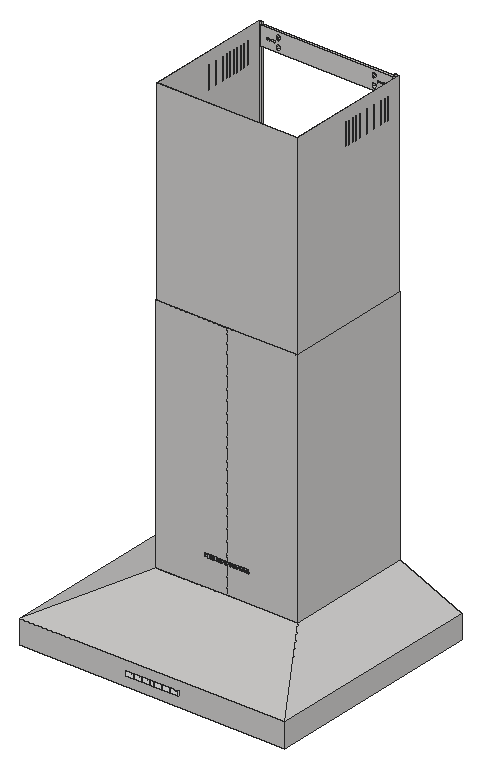
Revit family "FP_Revit_18_HC24PHTX1_N_Rangehood_90001237A", category Specialty Equipment, Revit 2018
Family settings
  Round Connector Dimension = Use Diameter
  Part Type = Normal
  OmniClass Number = 23.40.40.00
  OmniClass Title = Food Service Equipment and Furnishings
  Work Plane-Based = No
  Always vertical = Yes
  Cut with Voids When Loaded = Yes
  Shared = No
  Room Calculation Point = No
Parameters
  Visibility - Upper Chimney Extension [instance] = yes
  URL = "www.fisherpaykel.com"
  Product - Width = 598 mm  # constant formula
  Product - Height (655mm - 1094mm) Ducted [instance] = 1094 mm
  Product - Depth = 500 mm  # constant formula
  Model = "HC24PHTX1_N"
  Material - Trim = Fisher & Paykel - Steel, Chrome Plated
  Material - Body = Fisher & Paykel - Stainless Steel
  Manufacturer = "Fisher & Paykel Appliances"
  FFL Offset [instance] = 1565 mm
  Description = "24\" Rangehood"
  Connector Description - Extraction = "6” (152 mm) diameter, rigid or semi-rigid ducting, 600 CFM"
  Connector Description - Electrical = "120 V, 60Hz, 15 A, Fused electrical supply"
  Chassis - Width = 320 mm  # constant formula
  Chassis - Height = 114 mm  # constant formula
  Chassis - Depth = 290 mm  # constant formula
Reference planes
  plane 1 "Datum": y = 0
  plane 2: z = 0
  plane 3 "Center (Left/Right)": x = 0
  plane 4 "Product - Height": z = 2659
  plane 5 "Product LHS": x = -299
  plane 6 "Product RHS": x = 299
  plane 7 "Product - Depth": y = -500
  plane 8 "Cavity LHS": x = -160
  plane 9 "Cavity RHS": x = 160
  plane 10 "Chassis - Depth": y = -290
  plane 11 "FFL Offset": z = 1565
Forms (mm)
  Extrusion 1, solid, material "Fisher & Paykel - Stainless Steel" <- "Material - Body"
    sketch origin (0, 0, 0) x (1, 0, 0) y (0, 1, 0)
      loop
        line (-145, 0) -> (-160, 0) -> (-160, -290) -> (0, -290) -> (160, -290) -> (160, 0) -> (145, 0) -> (145, -1) -> (159, -1) -> (159, -289) -> (-159, -289) -> (-159, -1) -> (-145, -1) -> (-145, 0)
    from 1677.893 to 2220
  Extrusion 2, solid, material "Fisher & Paykel - Stainless Steel" <- "Material - Body", visible <- "Visibility - Upper Chimney Extension"
    sketch origin (0, 0, 0) x (1, 0, 0) y (0, 1, 0)
      loop
        line (-158, -2) -> (-150, -2) -> (-150, -1) -> (-159, -1) -> (-159, -289) -> (159, -289) -> (159, -1) -> (150, -1) -> (150, -2) -> (158, -2) -> (158, -288.044) -> (-158, -288.044) -> (-158, -2)
    from 2208 to 2659
  Extrusion 3, solid, material "Fisher & Paykel - Stainless Steel" <- "Material - Body"
    sketch origin (0, 0, 0) x (1, 0, 0) y (0, 1, 0)
      loop
        line (159, -1) -> (-159, -1) -> (-159, -279) -> (159, -279) -> (159, -1)
    from 1677.893 to 1849
  Extrusion 4, solid, material "Fisher & Paykel - Stainless Steel" <- "Material - Body"
    sketch origin (0, 0, 0) x (1, 0, 0) y (0, 1, 0)
      loop
        circle (0, -95) r 73.896
      loop
        circle (0, -95) r 75.04
    from 1849 to 1926
  Extrusion 5, solid, material "Fisher & Paykel - Stainless Steel" <- "Material - Body"
    sketch origin (0, 0, 0) x (1, 0, 0) y (0, 0, 1)
      loop
        line (-145, 1862) -> (-145, 1838.202) -> (145, 1838.202) -> (145, 1862) -> (-145, 1862)
      loop
        line (-127.5, 1853.202) -> (-127.5, 1851.532)
        arc (-127.5, 1851.532) -> (-125, 1842.202) -> (-122.5, 1851.532) r 5
        line (-122.5, 1851.532) -> (-122.5, 1853.202)
        arc (-122.5, 1853.202) -> (-125, 1855.702) -> (-127.5, 1853.202) r 2.5
      loop
        line (122.5, 1853.202) -> (122.5, 1851.532)
        arc (122.5, 1851.532) -> (125, 1842.202) -> (127.5, 1851.532) r 5
        line (127.5, 1851.532) -> (127.5, 1853.202)
        arc (127.5, 1853.202) -> (125, 1855.702) -> (122.5, 1853.202) r 2.5
    from 0 to 1
  Extrusion 6, solid, material "Fisher & Paykel - Stainless Steel" <- "Material - Body", visible <- "Visibility - Upper Chimney Extension"
    sketch origin (0, 0, 0) x (1, 0, 0) y (0, 0, 1)
      loop
        line (-150, 2612.811) -> (150, 2612.811) -> (150, 2655) -> (-150, 2655) -> (-150, 2612.811)
      loop
        line (104, 2646.5) -> (104, 2642.5)
        arc (104, 2642.5) -> (108, 2638.5) -> (112, 2642.5) r 4
        line (112, 2642.5) -> (112, 2646.5)
        arc (112, 2646.5) -> (108, 2650.5) -> (104, 2646.5) r 4
      loop
        arc (112, 2625.5) -> (108, 2629.5) -> (104, 2625.5) r 4
        line (104, 2625.5) -> (104, 2620.794)
        arc (104, 2620.794) -> (108, 2617.544) -> (112, 2620.794) r 4.087
        line (112, 2620.794) -> (112, 2625.5)
      loop
        arc (117.5, 2636.5) -> (115, 2634) -> (117.5, 2631.5) r 2.5
        line (117.5, 2631.5) -> (132.5, 2631.5)
        arc (132.5, 2631.5) -> (135, 2634) -> (132.5, 2636.5) r 2.5
        line (132.5, 2636.5) -> (117.5, 2636.5)
      loop
        arc (-104, 2646.5) -> (-108, 2650.5) -> (-112, 2646.5) r 4
        line (-112, 2646.5) -> (-112, 2642.5)
        arc (-112, 2642.5) -> (-108, 2638.5) -> (-104, 2642.5) r 4
        line (-104, 2642.5) -> (-104, 2646.5)
      loop
        line (-112, 2625.5) -> (-112, 2620.794)
        arc (-112, 2620.794) -> (-108, 2617.544) -> (-104, 2620.794) r 4.087
        line (-104, 2620.794) -> (-104, 2625.5)
        arc (-104, 2625.5) -> (-108, 2629.5) -> (-112, 2625.5) r 4
      loop
        line (-117.5, 2636.5) -> (-132.5, 2636.5)
        arc (-132.5, 2636.5) -> (-135, 2634) -> (-132.5, 2631.5) r 2.5
        line (-132.5, 2631.5) -> (-117.5, 2631.5)
        arc (-117.5, 2631.5) -> (-115, 2634) -> (-117.5, 2636.5) r 2.5
    from 1 to 7
  Extrusion 7, void
    sketch origin (0, 0, 0) x (0, 1, 0) y (0, 0, 1)
      loop
        line (-155.5, 2631.5) -> (-155.5, 2581.5)
        arc (-155.5, 2581.5) -> (-153, 2579) -> (-150.5, 2581.5) r 2.5
        line (-150.5, 2581.5) -> (-150.5, 2631.5)
        arc (-150.5, 2631.5) -> (-153, 2634) -> (-155.5, 2631.5) r 2.5
      loop
        line (-145.5, 2631.5) -> (-145.5, 2581.5)
        arc (-145.5, 2581.5) -> (-143, 2579) -> (-140.5, 2581.5) r 2.5
        line (-140.5, 2581.5) -> (-140.5, 2631.5)
        arc (-140.5, 2631.5) -> (-143, 2634) -> (-145.5, 2631.5) r 2.5
      loop
        line (-135.5, 2631.5) -> (-135.5, 2581.5)
        arc (-135.5, 2581.5) -> (-133, 2579) -> (-130.5, 2581.5) r 2.5
        line (-130.5, 2581.5) -> (-130.5, 2631.5)
        arc (-130.5, 2631.5) -> (-133, 2634) -> (-135.5, 2631.5) r 2.5
      loop
        line (-125.5, 2631.5) -> (-125.5, 2581.5)
        arc (-125.5, 2581.5) -> (-123, 2579) -> (-120.5, 2581.5) r 2.5
        line (-120.5, 2581.5) -> (-120.5, 2631.5)
        arc (-120.5, 2631.5) -> (-123, 2634) -> (-125.5, 2631.5) r 2.5
      loop
        line (-115.5, 2631.5) -> (-115.5, 2581.5)
        arc (-115.5, 2581.5) -> (-113, 2579) -> (-110.5, 2581.5) r 2.5
        line (-110.5, 2581.5) -> (-110.5, 2631.5)
        arc (-110.5, 2631.5) -> (-113, 2634) -> (-115.5, 2631.5) r 2.5
      loop
        line (-105.5, 2631.5) -> (-105.5, 2581.5)
        arc (-105.5, 2581.5) -> (-103, 2579) -> (-100.5, 2581.5) r 2.5
        line (-100.5, 2581.5) -> (-100.5, 2631.5)
        arc (-100.5, 2631.5) -> (-103, 2634) -> (-105.5, 2631.5) r 2.5
      loop
        line (-95.5, 2631.5) -> (-95.5, 2581.5)
        arc (-95.5, 2581.5) -> (-93, 2579) -> (-90.5, 2581.5) r 2.5
        line (-90.5, 2581.5) -> (-90.5, 2631.5)
        arc (-90.5, 2631.5) -> (-93, 2634) -> (-95.5, 2631.5) r 2.5
      loop
        line (-85.5, 2631.5) -> (-85.5, 2581.5)
        arc (-85.5, 2581.5) -> (-83, 2579) -> (-80.5, 2581.5) r 2.5
        line (-80.5, 2581.5) -> (-80.5, 2631.5)
        arc (-80.5, 2631.5) -> (-83, 2634) -> (-85.5, 2631.5) r 2.5
      loop
        line (-75.5, 2631.5) -> (-75.5, 2581.5)
        arc (-75.5, 2581.5) -> (-73, 2579) -> (-70.5, 2581.5) r 2.5
        line (-70.5, 2581.5) -> (-70.5, 2631.5)
        arc (-70.5, 2631.5) -> (-73, 2634) -> (-75.5, 2631.5) r 2.5
      loop
        line (-65.5, 2631.5) -> (-65.5, 2581.5)
        arc (-65.5, 2581.5) -> (-63, 2579) -> (-60.5, 2581.5) r 2.5
        line (-60.5, 2581.5) -> (-60.5, 2631.5)
        arc (-60.5, 2631.5) -> (-63, 2634) -> (-65.5, 2631.5) r 2.5
      loop
        line (-55.5, 2631.5) -> (-55.5, 2581.5)
        arc (-55.5, 2581.5) -> (-53, 2579) -> (-50.5, 2581.5) r 2.5
        line (-50.5, 2581.5) -> (-50.5, 2631.5)
        arc (-50.5, 2631.5) -> (-53, 2634) -> (-55.5, 2631.5) r 2.5
      loop
        line (-45.5, 2631.5) -> (-45.5, 2581.5)
        arc (-45.5, 2581.5) -> (-43, 2579) -> (-40.5, 2581.5) r 2.5
        line (-40.5, 2581.5) -> (-40.5, 2631.5)
        arc (-40.5, 2631.5) -> (-43, 2634) -> (-45.5, 2631.5) r 2.5
      loop
        line (-35.5, 2631.5) -> (-35.5, 2581.5)
        arc (-35.5, 2581.5) -> (-33, 2579) -> (-30.5, 2581.5) r 2.5
        line (-30.5, 2581.5) -> (-30.5, 2631.5)
        arc (-30.5, 2631.5) -> (-33, 2634) -> (-35.5, 2631.5) r 2.5
    from -159 to 159
  Extrusion 8, solid, material "Fisher & Paykel - Steel, Chrome Plated" <- "Material - Trim", detail levels fine
    sketch origin (0, 0, 565) x (1, 0, 0) y (0, 0, 1)
      loop
        line (-5, 1031.5) -> (-5, 1021.5) -> (5, 1021.5) -> (5, 1031.5) -> (-5, 1031.5)
      loop
        line (5.5, 1031.5) -> (5.5, 1021.5) -> (23, 1021.5) -> (23, 1031.5) -> (5.5, 1031.5)
      loop
        line (23.5, 1031.5) -> (23.5, 1021.5) -> (41, 1021.5) -> (41, 1031.5) -> (23.5, 1031.5)
      loop
        line (41.5, 1031.5) -> (41.5, 1021.5) -> (59, 1021.5) -> (59, 1031.5) -> (41.5, 1031.5)
      loop
        line (-5.5, 1031.5) -> (-23, 1031.5) -> (-23, 1021.5) -> (-5.5, 1021.5) -> (-5.5, 1031.5)
      loop
        line (-23.5, 1031.5) -> (-41, 1031.5) -> (-41, 1021.5) -> (-23.5, 1021.5) -> (-23.5, 1031.5)
      loop
        line (-41.5, 1031.5) -> (-59, 1031.5) -> (-59, 1021.5) -> (-41.5, 1021.5) -> (-41.5, 1031.5)
    from 500 to 501
  Extrusion 9, solid, material "Fisher & Paykel - Stainless Steel" <- "Material - Body"
    sketch origin (0, 0, 0) x (1, 0, 0) y (0, 0, 1)
      loop
        line (145, 2201) -> (-145, 2201) -> (-145, 2161) -> (145, 2161) -> (145, 2201)
      loop
        line (125, 2183.5) -> (110, 2183.5)
        arc (110, 2183.5) -> (107.5, 2181) -> (110, 2178.5) r 2.5
        line (110, 2178.5) -> (125, 2178.5)
        arc (125, 2178.5) -> (127.5, 2181) -> (125, 2183.5) r 2.5
      loop
        line (-110, 2183.5) -> (-125, 2183.5)
        arc (-125, 2183.5) -> (-127.5, 2181) -> (-125, 2178.5) r 2.5
        line (-125, 2178.5) -> (-110, 2178.5)
        arc (-110, 2178.5) -> (-107.5, 2181) -> (-110, 2183.5) r 2.5
    from 0 to 6
  Extrusion 10, void
    sketch origin (0, 0, 0) x (1, 0, 0) y (0, 1, 0)
      loop
        line (-286, -464) -> (286, -464) -> (286, -74) -> (-286, -74) -> (-286, -464)
      loop
        circle (-206.5, -42) r 25
      loop
        circle (206.5, -42) r 25
    from 1565 to 1574
  Extrusion 11, solid, material "Fisher & Paykel - Stainless Steel" <- "Material - Body", detail levels fine
    sketch origin (0, 0, 0) x (1, 0, 0) y (0, 1, 0)
      loop
        line (286, -74) -> (0.5, -74) -> (0.5, -464) -> (286, -464) -> (286, -74)
      loop
        line (10.5, -454) -> (123, -454) -> (123, -402) -> (163, -402) -> (163, -454) -> (275.5, -454) -> (275.5, -84) -> (10.5, -84) -> (10.5, -454)
      loop
        line (158.263, -407) -> (127.737, -407) -> (127.737, -447.253) -> (158.263, -447.253) -> (158.263, -407)
      loop
        line (-286, -74) -> (-286, -464) -> (-0.5, -464) -> (-0.5, -74) -> (-286, -74)
      loop
        line (-10.5, -454) -> (-10.5, -84) -> (-275.5, -84) -> (-275.5, -454) -> (-163, -454) -> (-163, -402) -> (-123, -402) -> (-123, -454) -> (-10.5, -454)
      loop
        line (-158.263, -407) -> (-158.263, -447.253) -> (-127.737, -447.253) -> (-127.737, -407) -> (-158.263, -407)
      loop
        line (-128.03, -446.96) -> (-128.03, -417.253) -> (-157.97, -417.253) -> (-157.97, -446.96) -> (-128.03, -446.96)
      loop
        line (157.97, -446.96) -> (157.97, -417.253) -> (128.03, -417.253) -> (128.03, -446.96) -> (157.97, -446.96)
    from 1566 to 1574
  Extrusion 12, solid, material "Fisher & Paykel - Aluminium", detail levels fine
    sketch origin (0, 0, 0) x (1, 0, 0) y (0, 1, 0)
      loop
        line (275.5, -84) -> (10.5, -84) -> (10.5, -454) -> (123, -454) -> (123, -402) -> (163, -402) -> (163, -454) -> (275.5, -454) -> (275.5, -84)
      loop
        line (-275.5, -84) -> (-275.5, -454) -> (-163, -454) -> (-163, -402) -> (-123, -402) -> (-123, -454) -> (-10.5, -454) -> (-10.5, -84) -> (-275.5, -84)
    from 1566 to 1574
  Extrusion 13, solid, material "Fisher & Paykel - Glass, Clear", detail levels fine
    sketch origin (0, 0, 0) x (1, 0, 0) y (0, 1, 0)
      loop
        circle (206.5, -42) r 22
      loop
        circle (-206.5, -42) r 22
    from 1565 to 1574
  Extrusion 14, solid, material "Fisher & Paykel - Stainless Steel" <- "Material - Body", detail levels fine
    sketch origin (0, 0, 0) x (1, 0, 0) y (0, 1, 0)
      loop
        line (-83, -22.5) -> (-83, -146.5) -> (83, -146.5) -> (83, -22.5) -> (-83, -22.5)
    from 1849 to 1862
  Extrusion 15, solid, material "Fisher & Paykel - Stainless Steel" <- "Material - Body", detail levels fine
    sketch origin (0, 0, 0) x (1, 0, 0) y (0, 1, 0)
      loop
        line (-83, -48) -> (-107, -70) -> (-107, -100) -> (-83, -122) -> (-83, -48)
      loop
        circle (-97.5, -85) r 2
      loop
        line (83, -48) -> (83, -122) -> (107, -100) -> (107, -70) -> (83, -48)
      loop
        circle (97.5, -85) r 2
    from 1849 to 1850
  Extrusion 16, solid, material "Fisher & Paykel - Stainless Steel" <- "Material - Body", detail levels medium+fine
    sketch origin (0, 0, 0) x (1, 0, 0) y (0, 0, 1)
      loop
        line (65, 1975) -> (65, 1885) -> (106, 1885) -> (106, 1849) -> (108.5, 1849) -> (108.5, 1946) -> (106, 1946) -> (106, 1975) -> (65, 1975)
    from 127.5 to 163.5
  Extrusion 17, solid, material "Fisher & Paykel - Stainless Steel" <- "Material - Body"
    sketch origin (0, 0, 0) x (1, 0, 0) y (0, 1, 0)
      loop
        circle (86, -145) r 12.009
      loop
        circle (86, -145) r 5.947
    from 1975 to 1977
  Extrusion 18, void
    sketch origin (0, 0, 0) x (1, 0, 0) y (0, 0, 1)
      loop
        line (-299, 1677.865) -> (-299, 1618) -> (-160, 1677.865) -> (-299, 1677.865)
      loop
        line (299, 1677.893) -> (159.897, 1677.893) -> (299, 1618) -> (299, 1677.893)
    from 0 to 500
  Extrusion 19, solid, material "Fisher & Paykel - Stainless Steel" <- "Material - Body"
    sketch origin (0, 0, 0) x (0, 1, 0) y (0, 0, 1)
      loop
        line (-500, 1565) -> (0, 1565) -> (0, 1677.893) -> (-290, 1677.893) -> (-500, 1617.686) -> (-500, 1565)
    from -299 to 299
  Extrusion 20, solid, material "Fisher & Paykel - Steel, Chrome Plated" <- "Material - Trim", detail levels fine
    sketch origin (0, 0, 0) x (1, 0, 0) y (0, 1, 0)
      loop
        circle (-206.5, -42) r 22
      loop
        circle (-206.5, -42) r 25
      loop
        circle (206.5, -42) r 22
      loop
        circle (206.5, -42) r 25
    from 1565 to 1574
Cuts and joins
  Extrusion 7 cuts Extrusion 2
  Extrusion 10, Extrusion 18 cuts Extrusion 19
Text (mm)
  text "Due to ongoing product development, product details are subject to change without notice. \nPlease always refer to www.fisherpaykel.com for the most current product information. \n© Fisher & Paykel 2020" at (41.04, -1225.549, 0), in view "Ref. Level (Plan)"
Dimensions and locks
  equal spacing: plane 5 "Product LHS", plane 3 "Center (Left/Right)", plane 6 "Product RHS"
  "Product - Width": plane 5 "Product LHS" to plane 6 "Product RHS"
  equal spacing: plane 8 "Cavity LHS", plane 3 "Center (Left/Right)", plane 9 "Cavity RHS"
  "Chassis - Width": plane 8 "Cavity LHS" to plane 9 "Cavity RHS"
  locked: Extrusion 1 sketch curve to Extrusion 1 sketch curve at 1  (x3)
  "Product - Depth": plane 7 "Product - Depth" to plane 1 "Datum"
  "FFL Offset": plane 11 "FFL Offset" to level
  locked: Extrusion 3 to plane 11 "FFL Offset" at 284
  locked: Extrusion 4 to plane 11 "FFL Offset" at 361
  "Product - Height (655mm - 1094mm) Ducted": plane 4 "Product - Height" to plane 11 "FFL Offset"
  locked: Extrusion 12 to plane 11 "FFL Offset" at 9
  locked: nested 1 to plane 11 "FFL Offset" at 175.041
  locked: Extrusion 8 to plane 11 "FFL Offset" at 21.5
  locked: Extrusion 11 to plane 11 "FFL Offset" at 1
  locked: Extrusion 1 to plane 11 "FFL Offset" at 655
  locked: Extrusion 14 to plane 11 "FFL Offset" at 297
  locked: Extrusion 15 to plane 11 "FFL Offset" at 285
  locked: Extrusion 17 to Extrusion 16 at 2
  locked: Extrusion 16 to plane 11 "FFL Offset" at 410
  locked: cut or joined group of Extrusion 2, Extrusion 7 to plane 4 "Product - Height" at 451
  locked: Extrusion 9 to plane 11 "FFL Offset" at 636
  locked: Extrusion 9 to Extrusion 9 at 40
  "Chassis - Depth": plane 10 "Chassis - Depth" to plane 1 "Datum"
  locked: cut or joined group of Extrusion 10, Extrusion 18, Extrusion 19 to plane 11 "FFL Offset" at 112.893
  aligned and locked: level to plane 2
  aligned and locked: Extrusion 1 sketch curve to plane 8 "Cavity LHS"
  aligned and locked: plane 9 "Cavity RHS" to Extrusion 1 sketch curve
  aligned and locked: plane 10 "Chassis - Depth" to Extrusion 1 sketch curve
  aligned and locked: plane 4 "Product - Height" to Extrusion 2
  aligned and locked: Extrusion 7 to Extrusion 1  (x2)
  aligned and locked: plane 7 "Product - Depth" to Extrusion 8
  aligned and locked: Extrusion 19 to plane 6 "Product RHS"
  aligned and locked: plane 5 "Product LHS" to Extrusion 19
  aligned and locked: Extrusion 1 to Extrusion 3
  aligned and locked: Extrusion 20 to plane 11 "FFL Offset"
  aligned and locked: Extrusion 20 to Extrusion 11
  aligned and locked: Extrusion 11 to Extrusion 12  (x2)
  aligned and locked: Extrusion 10 to Extrusion 11
  aligned and locked: Extrusion 13 to Extrusion 11
  aligned and locked: Extrusion 13 to plane 11 "FFL Offset"
  aligned and locked: Extrusion 3 to cut or joined group of Extrusion 10, Extrusion 18, Extrusion 19
  aligned and locked: Extrusion 4 to Extrusion 3
  aligned and locked: Extrusion 14 to Extrusion 3
  aligned and locked: Extrusion 3 to Extrusion 15
  aligned and locked: Extrusion 17 to Extrusion 16
  aligned and locked: Extrusion 18 to Extrusion 1
  aligned and locked: cut or joined group of Extrusion 10, Extrusion 18, Extrusion 19 to plane 11 "FFL Offset"
Automatic sketch dimensions
  Extrusion 1 sketch curve to plane 3 "Center (Left/Right)" = 0 mm
  plane 1 "Datum" to Extrusion 1 sketch curve = 1 mm  (x2)
  Extrusion 1 sketch curve to Extrusion 1 sketch curve = 14 mm
  plane 9 "Cavity RHS" to Extrusion 1 sketch curve = 15 mm
  Extrusion 3 sketch curve to plane 8 "Cavity LHS" = 1 mm
  plane 9 "Cavity RHS" to Extrusion 3 sketch curve = 1 mm
  plane 10 "Chassis - Depth" to Extrusion 3 sketch curve = 11 mm
  plane 1 "Datum" to Extrusion 3 sketch curve = 1 mm
  Extrusion 7 sketch curve to plane 4 "Product - Height" = 77.5 mm  (x2)
  plane 1 "Datum" to Extrusion 7 sketch curve = 155.5 mm
  Extrusion 7 sketch curve to Extrusion 7 sketch curve = 2.5 mm  (x13)
  Extrusion 7 sketch curve to Extrusion 7 sketch curve = 5 mm  (x12)
  Extrusion 7 sketch curve to Extrusion 7 sketch curve = 0 mm  (x23)
  Extrusion 7 sketch curve to plane 4 "Product - Height" = 27.5 mm
  plane 8 "Cavity LHS" to Extrusion 12 sketch curve = 115.5 mm
  plane 8 "Cavity LHS" to Extrusion 12 sketch curve = 3 mm
  Extrusion 12 sketch curve to Extrusion 12 sketch curve = 40 mm
  Extrusion 12 sketch curve to plane 3 "Center (Left/Right)" = 10.5 mm
  plane 3 "Center (Left/Right)" to Extrusion 12 sketch curve = 10.5 mm
  plane 9 "Cavity RHS" to Extrusion 12 sketch curve = 37 mm
  Extrusion 12 sketch curve to plane 9 "Cavity RHS" = 3 mm
  Extrusion 12 sketch curve to plane 9 "Cavity RHS" = 115.5 mm
  Extrusion 12 sketch curve to plane 10 "Chassis - Depth" = 164 mm  (x2)
  Extrusion 12 sketch curve to Extrusion 12 sketch curve = 0 mm  (x2)
  Extrusion 12 sketch curve to Extrusion 12 sketch curve = 52 mm  (x2)
  plane 1 "Datum" to Extrusion 12 sketch curve = 84 mm  (x2)
  Extrusion 2 sketch curve to plane 8 "Cavity LHS" = 1 mm
  Extrusion 2 sketch curve to Extrusion 2 sketch curve = 1 mm  (x3)
  plane 1 "Datum" to Extrusion 2 sketch curve = 2 mm  (x2)
  Extrusion 2 sketch curve to Extrusion 2 sketch curve = 8 mm
  plane 9 "Cavity RHS" to Extrusion 2 sketch curve = 10 mm
  plane 9 "Cavity RHS" to Extrusion 2 sketch curve = 2 mm
  plane 9 "Cavity RHS" to Extrusion 2 sketch curve = 1 mm
  plane 10 "Chassis - Depth" to Extrusion 2 sketch curve = 1.956 mm
  plane 10 "Chassis - Depth" to Extrusion 2 sketch curve = 1 mm
  Extrusion 5 sketch curve to plane 8 "Cavity LHS" = 15 mm
  Extrusion 5 sketch curve to Extrusion 5 sketch curve = 17.5 mm
  Extrusion 5 sketch curve to Extrusion 5 sketch curve = 2.5 mm  (x4)
  plane 9 "Cavity RHS" to Extrusion 5 sketch curve = 37.5 mm
  plane 9 "Cavity RHS" to Extrusion 5 sketch curve = 15 mm
  Extrusion 5 sketch curve to Extrusion 5 sketch curve = 4.33 mm  (x2)
  Extrusion 5 sketch curve to Extrusion 5 sketch curve = 9 mm  (x2)
  Extrusion 5 sketch curve to Extrusion 5 sketch curve = 1.67 mm  (x2)
  Extrusion 14 sketch curve to plane 8 "Cavity LHS" = 77 mm
  plane 9 "Cavity RHS" to Extrusion 14 sketch curve = 77 mm
  plane 10 "Chassis - Depth" to Extrusion 14 sketch curve = 143.5 mm
  plane 1 "Datum" to Extrusion 14 sketch curve = 22.5 mm
  Extrusion 4 sketch curve to Extrusion 4 sketch curve = 0 mm  (x2)
  Extrusion 4 sketch curve to plane 3 "Center (Left/Right)" = 0 mm
  plane 1 "Datum" to Extrusion 4 sketch curve = 95 mm
  Extrusion 15 sketch curve to plane 8 "Cavity LHS" = 53 mm
  Extrusion 15 sketch curve to Extrusion 15 sketch curve = 9.5 mm  (x2)
  Extrusion 15 sketch curve to Extrusion 15 sketch curve = 24 mm
  plane 9 "Cavity RHS" to Extrusion 15 sketch curve = 77 mm
  Extrusion 15 sketch curve to Extrusion 15 sketch curve = 14.5 mm
  plane 1 "Datum" to Extrusion 15 sketch curve = 122 mm  (x2)
  Extrusion 15 sketch curve to Extrusion 15 sketch curve = 22 mm  (x4)
  Extrusion 15 sketch curve to Extrusion 15 sketch curve = 15 mm  (x4)
  plane 3 "Center (Left/Right)" to Extrusion 16 sketch curve = 65 mm
  Extrusion 16 sketch curve to Extrusion 16 sketch curve = 41 mm  (x2)
  Extrusion 16 sketch curve to Extrusion 16 sketch curve = 2.5 mm
  plane 11 "FFL Offset" to Extrusion 16 sketch curve = 320 mm
  Extrusion 16 sketch curve to Extrusion 16 sketch curve = 61 mm
  Extrusion 16 sketch curve to Extrusion 16 sketch curve = 29 mm
  Extrusion 16 sketch curve to Extrusion 16 sketch curve = 36 mm
  Extrusion 17 sketch curve to Extrusion 17 sketch curve = 0 mm  (x2)
  plane 9 "Cavity RHS" to Extrusion 17 sketch curve = 74 mm
  plane 1 "Datum" to Extrusion 17 sketch curve = 145 mm
  Extrusion 6 sketch curve to Extrusion 6 sketch curve = 17.5 mm  (x2)
  Extrusion 6 sketch curve to Extrusion 6 sketch curve = 15 mm  (x2)
  Extrusion 6 sketch curve to Extrusion 6 sketch curve = 5.5 mm  (x3)
  Extrusion 6 sketch curve to Extrusion 6 sketch curve = 4 mm  (x6)
  Extrusion 6 sketch curve to Extrusion 6 sketch curve = 0 mm  (x3)
  plane 9 "Cavity RHS" to Extrusion 6 sketch curve = 10 mm
  Extrusion 6 sketch curve to Extrusion 6 sketch curve = 8.5 mm
  Extrusion 6 sketch curve to Extrusion 6 sketch curve = 6 mm  (x4)
  Extrusion 6 sketch curve to Extrusion 6 sketch curve = 2.5 mm  (x2)
  Extrusion 6 sketch curve to Extrusion 6 sketch curve = 3.87 mm  (x2)
  Extrusion 6 sketch curve to Extrusion 6 sketch curve = 0.837 mm  (x2)
  Extrusion 6 sketch curve to Extrusion 6 sketch curve = 18.689 mm
  Extrusion 6 sketch curve to plane 8 "Cavity LHS" = 56 mm
  Extrusion 6 sketch curve to plane 4 "Product - Height" = 46.189 mm
  Extrusion 6 sketch curve to Extrusion 6 sketch curve = 7.983 mm
  Extrusion 9 sketch curve to plane 8 "Cavity LHS" = 15 mm
  Extrusion 9 sketch curve to Extrusion 9 sketch curve = 20 mm
  Extrusion 9 sketch curve to Extrusion 9 sketch curve = 15 mm  (x2)
  plane 9 "Cavity RHS" to Extrusion 9 sketch curve = 50 mm
  plane 9 "Cavity RHS" to Extrusion 9 sketch curve = 15 mm
  Extrusion 9 sketch curve to Extrusion 9 sketch curve = 17.5 mm  (x3)
  Extrusion 9 sketch curve to Extrusion 9 sketch curve = 2.5 mm  (x2)
  Extrusion 9 sketch curve to plane 4 "Product - Height" = 498 mm
  Extrusion 5 sketch curve to Extrusion 5 sketch curve = 8.798 mm
  plane 11 "FFL Offset" to Extrusion 5 sketch curve = 273.202 mm
  Extrusion 8 sketch curve to plane 3 "Center (Left/Right)" = 59 mm
  Extrusion 8 sketch curve to Extrusion 8 sketch curve = 17.5 mm  (x5)
  Extrusion 8 sketch curve to Extrusion 8 sketch curve = 0.5 mm  (x6)
  Extrusion 8 sketch curve to plane 3 "Center (Left/Right)" = 5.5 mm
  plane 3 "Center (Left/Right)" to Extrusion 8 sketch curve = 5 mm
  plane 11 "FFL Offset" to Extrusion 8 sketch curve = 21.5 mm  (x3)
  Extrusion 8 sketch curve to Extrusion 8 sketch curve = 0 mm  (x9)
  Extrusion 8 sketch curve to Extrusion 8 sketch curve = 10 mm  (x2)
  plane 5 "Product LHS" to Extrusion 18 sketch curve = 0 mm
  plane 8 "Cavity LHS" to Extrusion 18 sketch curve = 0 mm
  plane 9 "Cavity RHS" to Extrusion 18 sketch curve = 0.103 mm
  plane 6 "Product RHS" to Extrusion 18 sketch curve = 0 mm
  plane 11 "FFL Offset" to Extrusion 18 sketch curve = 53 mm  (x2)
  plane 11 "FFL Offset" to Extrusion 18 sketch curve = 112.865 mm
  Extrusion 18 sketch curve to Extrusion 18 sketch curve = 59.893 mm
  Extrusion 1 sketch curve to Extrusion 1 sketch curve = 1 mm  (x2)
  plane 8 "Cavity LHS" to Extrusion 13 sketch curve = 46.5 mm
  Extrusion 13 sketch curve to plane 9 "Cavity RHS" = 46.5 mm
  plane 1 "Datum" to Extrusion 13 sketch curve = 42 mm  (x2)
  Extrusion 20 sketch curve to Extrusion 20 sketch curve = 0 mm  (x4)
  plane 8 "Cavity LHS" to Extrusion 20 sketch curve = 46.5 mm
  Extrusion 20 sketch curve to plane 9 "Cavity RHS" = 46.5 mm
  plane 1 "Datum" to Extrusion 20 sketch curve = 42 mm  (x2)
  Extrusion 19 sketch curve to plane 7 "Product - Depth" = 0 mm
  Extrusion 19 sketch curve to plane 10 "Chassis - Depth" = 0 mm
  Extrusion 19 sketch curve to plane 1 "Datum" = 0 mm
  Extrusion 19 sketch curve to plane 11 "FFL Offset" = 0 mm
  Extrusion 19 sketch curve to Extrusion 19 sketch curve = 112.893 mm
  plane 11 "FFL Offset" to Extrusion 19 sketch curve = 52.686 mm
  Extrusion 11 sketch curve to plane 5 "Product LHS" = 13 mm
  Extrusion 11 sketch curve to Extrusion 11 sketch curve = 10.5 mm  (x2)
  plane 8 "Cavity LHS" to Extrusion 11 sketch curve = 3 mm
  Extrusion 11 sketch curve to plane 8 "Cavity LHS" = 1.737 mm
  Extrusion 11 sketch curve to plane 8 "Cavity LHS" = 2.03 mm
  Extrusion 11 sketch curve to Extrusion 11 sketch curve = 29.94 mm
  Extrusion 11 sketch curve to Extrusion 11 sketch curve = 0.293 mm  (x4)
  Extrusion 11 sketch curve to Extrusion 11 sketch curve = 4.737 mm  (x2)
  Extrusion 11 sketch curve to plane 3 "Center (Left/Right)" = 10.5 mm
  Extrusion 11 sketch curve to plane 3 "Center (Left/Right)" = 0.5 mm
  plane 3 "Center (Left/Right)" to Extrusion 11 sketch curve = 0.5 mm
  plane 3 "Center (Left/Right)" to Extrusion 11 sketch curve = 10.5 mm
  plane 9 "Cavity RHS" to Extrusion 11 sketch curve = 37 mm
  plane 9 "Cavity RHS" to Extrusion 11 sketch curve = 2.03 mm
  plane 9 "Cavity RHS" to Extrusion 11 sketch curve = 1.737 mm
  Extrusion 11 sketch curve to plane 9 "Cavity RHS" = 3 mm
  plane 7 "Product - Depth" to Extrusion 11 sketch curve = 46 mm  (x2)
  plane 6 "Product RHS" to Extrusion 11 sketch curve = 23.5 mm
  Extrusion 11 sketch curve to Extrusion 11 sketch curve = 0 mm  (x4)
  Extrusion 11 sketch curve to Extrusion 11 sketch curve = 10 mm  (x2)
  Extrusion 11 sketch curve to Extrusion 11 sketch curve = 6.747 mm  (x2)
  Extrusion 11 sketch curve to Extrusion 11 sketch curve = 29.707 mm  (x2)
  Extrusion 11 sketch curve to Extrusion 11 sketch curve = 10.253 mm  (x2)
  Extrusion 11 sketch curve to Extrusion 11 sketch curve = 5 mm  (x2)
  plane 1 "Datum" to Extrusion 11 sketch curve = 84 mm  (x2)
  Extrusion 10 sketch curve to plane 9 "Cavity RHS" = 46.5 mm
  plane 6 "Product RHS" to Extrusion 10 sketch curve = 13 mm
  plane 7 "Product - Depth" to Extrusion 10 sketch curve = 36 mm
  plane 1 "Datum" to Extrusion 10 sketch curve = 74 mm
  plane 1 "Datum" to Extrusion 10 sketch curve = 42 mm  (x2)
  Extrusion 10 sketch curve to plane 5 "Product LHS" = 13 mm
  plane 8 "Cavity LHS" to Extrusion 10 sketch curve = 46.5 mm
  radius of Extrusion 4 sketch curve = 73.896 mm
  radius of Extrusion 4 sketch curve = 75.04 mm
  radius of Extrusion 15 sketch curve = 2 mm  (x2)
  radius of Extrusion 17 sketch curve = 12.009 mm
  radius of Extrusion 17 sketch curve = 5.947 mm
  radius of Extrusion 13 sketch curve = 22 mm  (x2)
  radius of Extrusion 20 sketch curve = 22 mm  (x2)
  radius of Extrusion 20 sketch curve = 25 mm  (x2)
  radius of Extrusion 10 sketch curve = 25 mm  (x2)
Nested families
  nested 1: "F&P Logo 100mm" at (0.236, -290, 1740.041), type "Grey"
Connectors
  hvac at (0, -95, 1926), driven by "Connector Description - Extraction"
    settings: on Extrusion 4, index 1, duct flow 0.0 L/s, flow factor 0, pres drop 0.0 Pa, loss coef 0, conn angle 0.00°, conn width 304.8 mm, conn height 304.8 mm, conn diameter 150 mm, duct sys type 4, conn prof type 0, flow config 0, flow direction 2, loss method 0, conn ref index -1, conn util no, is conn primary yes, conn desc "6” (152 mm) diameter, rigid or semi-rigid ducting, 600 CFM"
  electrical at (86, -145, 1977), driven by "Connector Description - Electrical"
    settings: on Extrusion 17, index 3, voltage 120 V, apparent load 0 VA, apparent load phase1 0 VA, apparent load phase2 0 VA, apparent load phase3 0 VA, power factor 1, load classification "Other", number of poles 1, system type 30, power factor state 1, is connector primary yes, connector utility no, sub classification motor no, connector description "120 V, 60Hz, 15 A, Fused electrical supply"
Definition of nested family "F&P Logo 100mm"
  Parameters (values of type "Chrome")
    URL = "www.fisherpaykel.com"
    Material - Logo = none
    Manufacturer = "Fisher & Paykel Appliances"
  Types (3): name
    (no name)
    Chrome
    Grey
  Reference planes
    plane 1 "Center (Front/Back)": y = 0
    plane 2: z = 0
    plane 3 "Center (Left/Right)": x = 0
  Forms (mm)
    Extrusion 1, solid, material <- "Material - Logo", detail levels fine
      sketch origin (0, 0, 0) x (1, 0, 0) y (0, 0, 1)
        loop
          line (-50.044, 0) -> (-48.47, 0) -> (-48.47, 2.138) -> (-46.011, 2.138) -> (-46.011, 3.472) -> (-48.47, 3.472) -> (-48.47, 4.712) -> (-45.795, 4.712) -> (-45.795, 6.04) -> (-50.044, 6.04) -> (-50.044, 0)
        loop
          line (-42.804, 6.04) -> (-42.804, 0) -> (-41.23, 0) -> (-41.23, 6.04) -> (-42.804, 6.04)
        loop
          line (-30.724, 6.04) -> (-30.724, 0) -> (-29.151, 0) -> (-29.151, 2.42) -> (-26.839, 2.42) -> (-26.839, 0) -> (-25.265, 0) -> (-25.265, 6.04) -> (-26.839, 6.04) -> (-26.839, 3.748) -> (-29.151, 3.748) -> (-29.151, 6.04) -> (-30.724, 6.04)
        loop
          line (-21.906, 6.04) -> (-21.906, 0) -> (-17.602, 0) -> (-17.602, 1.328) -> (-20.347, 1.328) -> (-20.347, 2.42) -> (-17.838, 2.42) -> (-17.838, 3.748) -> (-20.347, 3.748) -> (-20.347, 4.712) -> (-17.602, 4.712) -> (-17.602, 6.04) -> (-21.906, 6.04)
        loop
          line (45.667, 6.04) -> (45.667, 0) -> (49.956, 0) -> (49.956, 1.328) -> (47.241, 1.328) -> (47.241, 6.04) -> (45.667, 6.04)
        loop
          line (42.431, 6.04) -> (38.112, 6.04) -> (38.112, 0) -> (42.431, 0) -> (42.431, 1.328) -> (39.687, 1.328) -> (39.687, 2.42) -> (42.195, 2.42) -> (42.195, 3.748) -> (39.687, 3.748) -> (39.687, 4.712) -> (42.431, 4.712) -> (42.431, 6.04)
        loop
          line (33.451, 3.148) -> (35.683, 6.04) -> (33.844, 6.04) -> (31.915, 3.542) -> (31.915, 6.04) -> (30.342, 6.04) -> (30.342, 0) -> (31.915, 0) -> (31.915, 2.705) -> (33.903, 0) -> (35.763, 0) -> (33.451, 3.148)
        loop
          line (21.98, 6.04) -> (24.262, 2.42) -> (24.262, 0) -> (25.837, 0) -> (25.837, 2.341) -> (28.119, 6.04) -> (26.446, 6.04) -> (25.099, 3.707) -> (23.753, 6.04) -> (21.98, 6.04)
        loop
          line (18.479, 6.04) -> (16.983, 6.04) -> (14.524, 0) -> (16.069, 0) -> (16.501, 1.112) -> (18.921, 1.112) -> (19.354, 0) -> (20.938, 0) -> (18.479, 6.04)
        loop
          line (18.4, 2.439) -> (17.693, 4.174) -> (17.018, 2.439) -> (18.4, 2.439)
        loop
          line (8.031, 6.04) -> (8.031, 0) -> (9.605, 0) -> (9.605, 1.938) -> (10.599, 1.938)
          arc (10.599, 1.938) -> (12.65, 3.989) -> (10.599, 6.04) r 2.051
          line (10.599, 6.04) -> (8.031, 6.04)
        loop
          line (9.605, 4.712) -> (9.605, 3.197) -> (10.501, 3.197)
          arc (10.501, 3.197) -> (11.259, 3.954) -> (10.501, 4.712) r 0.757
          line (10.501, 4.712) -> (9.605, 4.712)
        loop
          line (-11.783, 6.04) -> (-14.366, 6.04) -> (-14.366, 0) -> (-12.792, 0) -> (-12.792, 1.336) -> (-11.992, 1.336) -> (-10.972, 0) -> (-9.153, 0) -> (-10.694, 1.973)
          arc (-10.694, 1.973) -> (-9.678, 4.424) -> (-11.783, 6.04) r 2.179
        loop
          line (-11.897, 4.712) -> (-12.792, 4.712) -> (-12.792, 3.053) -> (-11.897, 3.053)
          arc (-11.897, 3.053) -> (-11.068, 3.882) -> (-11.897, 4.712) r 0.83
        loop
          line (0.477, 4.712) -> (0.477, 6.153) -> (-3.575, 6.153) -> (-3.575, 4.851) -> (-2.974, 4.112)
          arc (-2.974, 4.112) -> (-3.51, 0.684) -> (-0.045, 0.512) r 2.334
          line (-0.045, 0.512) -> (0.46, -0.109) -> (2.246, -0.109) -> (0.86, 1.594) -> (2.061, 3.324) -> (0.443, 3.324) -> (-0.013, 2.667) -> (-1.677, 4.712) -> (0.477, 4.712)
        loop
          arc (-2.125, 3.068) -> (-2.269, 1.668) -> (-0.868, 1.524) r 0.996
          line (-0.868, 1.524) -> (-2.125, 3.068)
        loop
          line (-35.18, 3.634) -> (-36.516, 3.91)
          arc (-36.516, 3.91) -> (-37.049, 4.443) -> (-36.516, 4.976) r 0.533
          arc (-36.516, 4.976) -> (-35.235, 4.79) -> (-34.059, 4.248) r 4.505
          line (-34.059, 4.248) -> (-34.059, 5.743)
          arc (-34.059, 5.743) -> (-35.549, 6.179) -> (-37.1, 6.109) r 4.726
          arc (-37.1, 6.109) -> (-38.536, 4.335) -> (-37.1, 2.561) r 1.814
          line (-37.1, 2.561) -> (-35.754, 2.282)
          arc (-35.754, 2.282) -> (-35.221, 1.749) -> (-35.754, 1.216) r 0.533
          arc (-35.754, 1.216) -> (-37.035, 1.402) -> (-38.211, 1.945) r 4.505
          line (-38.211, 1.945) -> (-38.211, 0.449)
          arc (-38.211, 0.449) -> (-36.72, 0.013) -> (-35.169, 0.083) r 4.726
          arc (-35.169, 0.083) -> (-33.734, 1.863) -> (-35.18, 3.634) r 1.814
      from 0 to 0.8
  Dimensions and locks
    aligned and locked: level to plane 2
